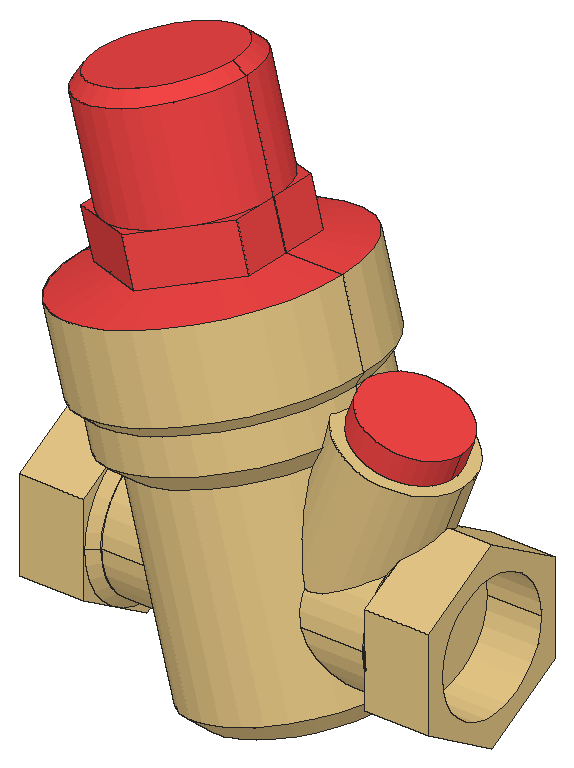
Revit family "РИДАН_ Клапан редукционный Ридан 7biz", category Арматура трубопроводов, Revit 2019
Family settings
  Размер круглого соединителя = Использовать диаметр
  Тип детали = Вставляется
  На основе рабочей плоскости = Нет
  Всегда вертикально = Да
  При загрузке вырезать с полостями = Нет
  Общий = Нет
Parameters (values of type "DN 15")
  Отступ коннектора [instance] = 5 mm
  Контакты_Производитель = "info@ridan.ru"  # constant formula
  Изготовитель = "ООО «Ридан-Трейд»"  # constant formula
  x [instance] = c + (b * 2) + (a * 2) - (j * 2) + (w * 2)  # 60.76 mm
  w [instance] = if(Отступ коннектора > j, j, Отступ коннектора)  # 5 mm
  v = size_lookup(LT, "v", 20 mm, ADSK_Диаметр условный)  # 21.3 mm
  u = size_lookup(LT, "u", 20 mm, ADSK_Диаметр условный)  # 35 mm
  t = size_lookup(LT, "t", 20 mm, ADSK_Диаметр условный)  # 25 mm
  s = size_lookup(LT, "s", 20.00°, ADSK_Диаметр условный)  # 69.00°
  r = size_lookup(LT, "r", 20 mm, ADSK_Диаметр условный)  # 17 mm
  q = size_lookup(LT, "q", 20 mm, ADSK_Диаметр условный)  # 18 mm
  p1 = o + p  # 32.65 mm
  p = size_lookup(LT, "p", 20 mm, ADSK_Диаметр условный)  # 4.5 mm
  o = size_lookup(LT, "o", 20 mm, ADSK_Диаметр условный)  # 28.15 mm
  n = size_lookup(LT, "n", 20 mm, ADSK_Диаметр условный)  # 10 mm
  m = ADSK_Диаметр условный  # 15 mm
  l = size_lookup(LT, "l", 20 mm, ADSK_Диаметр условный)  # 21.3 mm
  k = size_lookup(LT, "k", 20.00°, ADSK_Диаметр условный)  # 15.00°
  j = size_lookup(LT, "j", 20 mm, ADSK_Диаметр условный)  # 9.37 mm
  i = size_lookup(LT, "i", 20 mm, ADSK_Диаметр условный)  # 26.81 mm
  h = size_lookup(LT, "h", 20 mm, ADSK_Диаметр условный)  # 75 mm
  g = size_lookup(LT, "g", 20 mm, ADSK_Диаметр условный)  # 13.405 mm
  f = size_lookup(LT, "f", 20 mm, ADSK_Диаметр условный)  # 11.75 mm
  e = size_lookup(LT, "e", 20 mm, ADSK_Диаметр условный)  # 73.38 mm
  d = size_lookup(LT, "d", 20 mm, ADSK_Диаметр условный)  # 22.25 mm
  c = size_lookup(LT, "c", 20 mm, ADSK_Диаметр условный)  # 44.5 mm
  b = size_lookup(LT, "b", 20 mm, ADSK_Диаметр условный)  # 1.59 mm
  a = size_lookup(LT, "a", 20 mm, ADSK_Диаметр условный)  # 10.91 mm
  URL = "https://ridan.ru/"
  LT = "Table"  # constant formula
  ADSK_Расход жидкости = 0 m³/h
  ADSK_Пропускная способность = size_lookup(LT, "Kvs", 0 m³/h, ADSK_Диаметр условный)  # 1.8 m³/h
  ADSK_Потеря давления жидкости = 100000.0 Pa * (ADSK_Расход жидкости / ADSK_Пропускная способность) ^ 2  # 0.0 Pa
  ADSK_Наименование = size_lookup(LT, "Name", "", ADSK_Диаметр условный)  # "Клапан редукционный 7biz PN16 DN15"
  ADSK_Масса_Текст = ""
  ADSK_Масса = size_lookup(LT, "M", 0, ADSK_Диаметр условный)  # 0.37
  ADSK_Марка = size_lookup(LT, "Mark", "", ADSK_Диаметр условный)  # "7biz DN15"
  ADSK_Количество = 1  # constant formula
  ADSK_Код изделия = size_lookup(LT, "", "", ADSK_Диаметр условный)  # "082X4140R"
  ADSK_Завод-изготовитель = "ООО «Ридан-Трейд»"  # constant formula
  ADSK_Единица измерения = "шт."
  ADSK_Диаметр условный = 15 mm
  ADSK_Версия семейства = "1.0"  # constant formula
  ADSK_Версия Revit = "2019"  # constant formula
Types (7, lengths in mm): name | x | v | u | t | s | q | p1 | p | o | n | m | l | k | j | i | g | f | e | d | c | b | a | ADSK_Пропускная способность | ADSK_Наименование | ADSK_Масса | ADSK_Марка | ADSK_Код изделия | ADSK_Диаметр условный
  (no name) | 60.76 | 21.3 | 35 | 25 | 69.00° | 18 | 32.65 | 4.5 | 28.15 | 10 | 15 | 21.3 | 15.00° | 9.37 | 26.81 | 13.405 | 11.75 | 73.38 | 22.25 | 44.5 | 1.59 | 10.91 | 1.8 m³/h | "Клапан редукционный 7biz PN16 DN15" | 0.37 | "7biz DN15" | "082X4140R" | 15
  DN 15 | 60.76 | 21.3 | 35 | 25 | 69.00° | 18 | 32.65 | 4.5 | 28.15 | 10 | 15 | 21.3 | 15.00° | 9.37 | 26.81 | 13.405 | 11.75 | 73.38 | 22.25 | 44.5 | 1.59 | 10.91 | 1.8 m³/h | "Клапан редукционный 7biz PN16 DN15" | 0.37 | "7biz DN15" | "082X4140R" | 15
  DN 20 | 60.92 | 26.4 | 38 | 25 | 65.00° | 18.45 | 35.87 | 4.5 | 31.37 | 8 | 20 | 26.4 | 15.00° | 12.04 | 31.8 | 15.9 | 14.75 | 75.08 | 20 | 40 | 1.53 | 15.97 | 2.2 m³/h | "Клапан редукционный 7biz PN16 DN20" | 0.415 | "7biz DN20" | "082X4141R" | 20
  DN 25 | 64.6 | 33.5 | 41 | 27 | 65.00° | 18 | 38.42 | 4.5 | 33.92 | 8 | 25 | 33.5 | 15.00° | 13.2 | 37 | 18.5 | 15.5 | 74.88 | 21.5 | 43 | 2.6 | 16.4 | 2.4 m³/h | "Клапан редукционный 7biz PN16 DN25" | 0.45 | "7biz DN25" | "082X4142R" | 25
  DN 32 | 84.27 | 10 | 24 | 14 | 65.00° | 18 | 45.14 | 3.98 | 41.16 | 13.6 | 32 | 34 | 10.00° | 13.85 | 48 | 24 | 22 | 72.74 | 32.61 | 65.19 | 4.65 | 13.74 | 4.5 m³/h | "Клапан редукционный 7biz PN16 DN32" | 1.05 | "7biz DN32" | "082X4143R" | 32
  DN 40 | 85 | 10 | 24 | 15 | 65.00° | 18 | 47.14 | 3.98 | 43.16 | 14.78 | 40 | 47.8 | 10.00° | 16 | 53.5 | 26.75 | 21.75 | 73.29 | 31.5 | 63 | 8 | 14 | 6.3 m³/h | "Клапан редукционный 7biz PN16 DN40" | 1.12 | "7biz DN40" | "082X4144R" | 40
  DN 50 | 91 | 10 | 24 | 15 | 65.00° | 18 | 51.53 | 3.98 | 47.55 | 15.32 | 50 | 59.6 | 10.00° | 16 | 65 | 32.5 | 21.75 | 73.33 | 32.5 | 65 | 8.23 | 15.77 | 7.5 m³/h | "Клапан редукционный 7biz PN16 DN50" | 1.45 | "7biz DN50" | "082X4145R" | 50
Reference planes
  plane 1 "По центру (Вперед/Назад)": y = 0
  plane 2: z = 0
  plane 3 "По центру (Влево/Вправо)": x = 0
  plane 4: x = -34.75
  plane 5: x = -75
  plane 6: x = -23.84
  plane 7: x = -22.25
  plane 8: x = -1.62
  plane 9: x = 34.75
  plane 10: x = 23.84
  plane 11: x = 22.25
  plane 12: x = -25.38
  plane 13: x = 25.38
  plane 14: x = 10
  plane 15: x = -30.38
  plane 16: x = 30.38
Forms (mm)
  Extrusion 1, solid, material "Латунь", detail levels fine
    sketch origin (0, 0, 0) x (0, 1, 0) y (0, 0, 1)
      loop
        line (0, 15.479) -> (-13.405, 7.739) -> (-13.405, -7.739) -> (0, -15.479) -> (13.405, -7.739) -> (13.405, 7.739) -> (0, 15.479)
    from -34.75 to -23.84
  Extrusion 2, solid, material "Латунь", detail levels fine
    sketch origin (0, 0, 0) x (0, 1, 0) y (0, 0, 1)
      loop
        line (0, 15.479) -> (-13.405, 7.739) -> (-13.405, -7.739) -> (0, -15.479) -> (13.405, -7.739) -> (13.405, 7.739) -> (0, 15.479)
    from 23.84 to 34.75
  Blend 3, solid, material "Латунь", detail levels fine
    base sketch origin (0, 0, 0) x (0, 1, 0) y (0, 0, 1)
      loop
        circle (0, 0) r 13.405
    top sketch origin (0, 0, 0) x (0, 1, 0) y (0, 0, 1)
      loop
        circle (0, 0) r 11.75
    from -23.84 to -22.25
  Blend 4, solid, material "Латунь", detail levels fine
    base sketch origin (0, 0, 0) x (0, 1, 0) y (0, 0, 1)
      loop
        circle (0, 0) r 13.405
    top sketch origin (0, 0, 0) x (0, 1, 0) y (0, 0, 1)
      loop
        circle (0, 0) r 11.75
    from 23.84 to 22.25
  Extrusion 5, solid, material "Латунь", detail levels fine
    sketch origin (0, 0, 0) x (0, 1, 0) y (0, 0, 1)
      loop
        circle (0, 0) r 11.75
    from -22.25 to 22.25
  Extrusion 6, void
    sketch origin (0, 0, 0) x (0, 1, 0) y (0, 0, 1)
      loop
        circle (0, 0) r 10.65
    from -34.75 to -25.38
  Extrusion 7, void
    sketch origin (0, 0, 0) x (0, 1, 0) y (0, 0, 1)
      loop
        circle (0, 0) r 10.65
    from 25.38 to 34.75
  Sweep 8, solid, material "Латунь", detail levels fine
    path origin (0, 0, 0) x (1, 0, 0) y (0, 0, 1)
      loop
        line (10, 0) -> (20.088, 26.28)
    profile origin (15.044, 0, 13.14) x (-0.93358, 0, 0.358368) y (0, -1, 0)
      loop
        circle (0, 0) r 10.535
  Sweep 9, solid, material "Ручка", detail levels fine
    path origin (0, 0, 0) x (1, 0, 0) y (0, 0, 1)
      loop
        line (10, 0) -> (21.701, 30.481)
    profile origin (15.85, 0, 15.241) x (-0.93358, 0, 0.358368) y (0, -1, 0)
      loop
        circle (0, 0) r 8.5
Cuts and joins
  Extrusion 6, Extrusion 7 cuts Extrusion 2
  Extrusion 6 cuts Blend 4
  Extrusion 6, Extrusion 7 cuts Extrusion 5
  Extrusion 6 cuts Extrusion 1
Dimensions and locks
  equal spacing: Extrusion 1 sketch curve, plane 2, Extrusion 1 sketch curve  (x2)
  equal spacing: Extrusion 1 sketch curve, plane 1 "По центру (Вперед/Назад)", Extrusion 1 sketch curve
  "i": Extrusion 1 sketch curve to Extrusion 1 sketch curve  (x3)
  equal spacing: Extrusion 2 sketch curve, plane 2, Extrusion 2 sketch curve  (x2)
  equal spacing: Extrusion 2 sketch curve, plane 1 "По центру (Вперед/Назад)", Extrusion 2 sketch curve
  "i": Extrusion 2 sketch curve to Extrusion 2 sketch curve  (x3)
  "h": plane 5 to plane 3 "По центру (Влево/Вправо)"
  "a": plane 4 to plane 6
  "b": plane 6 to plane 7
  "c": plane 7 to plane 11
  "d": plane 7 to plane 3 "По центру (Влево/Вправо)"
  "b": plane 10 to plane 11
  "a": plane 9 to plane 10
  "e": plane 5 to plane 8
  "j": plane 4 to plane 12
  "j": plane 9 to plane 13
  "n": plane 14 to plane 3 "По центру (Влево/Вправо)"
  "o": Sweep 8 sketch curve to Sweep 8 sketch curve
  "p1": Sweep 9 sketch curve to Sweep 9 sketch curve
  "w": plane 15 to plane 12
  "w": plane 16 to plane 13
  "g": radius of Blend 3 sketch curve
  "f": radius of Blend 3 sketch curve
  "g": radius of Blend 4 sketch curve
  "f": radius of Blend 4 sketch curve
  "f": radius of Extrusion 5 sketch curve
  "l": diameter of Extrusion 6 sketch curve
  "l": diameter of Extrusion 7 sketch curve
  diameter of Sweep 8 sketch curve = 21.07 mm
  "r": diameter of Sweep 9 sketch curve
  angle Extrusion 1 sketch curve to Extrusion 1 sketch curve = 120.00°  (x6)
  angle Extrusion 2 sketch curve to Extrusion 2 sketch curve = 120.00°  (x6)
  "s": angle plane 2 to Sweep 8 sketch curve
  "s": angle plane 2 to Sweep 9 sketch curve
  angle plane 3 "По центру (Влево/Вправо)" to nested 1 = 15.00°
  aligned and locked: level to plane 2
  aligned and locked: Extrusion 1 to plane 6
  aligned and locked: plane 4 to Extrusion 1
  aligned and locked: Extrusion 2 to plane 10
  aligned and locked: plane 9 to Extrusion 2
  aligned and locked: plane 6 to Blend 3
  aligned and locked: Blend 3 to plane 7
  aligned and locked: Blend 4 to plane 11
  aligned and locked: plane 10 to Blend 4
  aligned and locked: plane 7 to Extrusion 5
  aligned and locked: plane 11 to Extrusion 5
  aligned and locked: Extrusion 6 to plane 12
  aligned and locked: plane 4 to Extrusion 6
  aligned and locked: Extrusion 7 to plane 13
  aligned and locked: plane 9 to Extrusion 7
  aligned and locked: plane 2 to Sweep 8 sketch curve
  aligned and locked: plane 14 to Sweep 8 sketch curve
  aligned and locked: plane 2 to Sweep 9 sketch curve
  aligned and locked: plane 14 to Sweep 9 sketch curve
  aligned and locked: plane 3 "По центру (Влево/Вправо)" to nested 2
  aligned and locked: plane 3 "По центру (Влево/Вправо)" to nested 3
  aligned and locked: plane 8 to nested 1
Automatic sketch dimensions
  plane 1 "По центру (Вперед/Назад)" to Sweep 8 sketch curve = 0 mm
  Sweep 8 sketch curve to profile plane = 0 mm
  Blend 3 sketch curve to level = 0 mm  (x2)
  Blend 3 sketch curve to plane 1 "По центру (Вперед/Назад)" = 0 mm  (x2)
  Blend 4 sketch curve to level = 0 mm  (x2)
  Blend 4 sketch curve to plane 1 "По центру (Вперед/Назад)" = 0 mm  (x2)
  Extrusion 5 sketch curve to level = 0 mm
  Extrusion 5 sketch curve to plane 1 "По центру (Вперед/Назад)" = 0 mm
  Extrusion 6 sketch curve to level = 0 mm
  Extrusion 6 sketch curve to plane 1 "По центру (Вперед/Назад)" = 0 mm
  Extrusion 7 sketch curve to level = 0 mm
  Extrusion 7 sketch curve to plane 1 "По центру (Вперед/Назад)" = 0 mm
  plane 1 "По центру (Вперед/Назад)" to Sweep 9 sketch curve = 0 mm
  Sweep 9 sketch curve to profile plane = 0 mm
Nested families
  nested 1: "7biz_Мембрана" at (-1.62, 0, 0) x (0.9659, 0, 0.2588) z (-0.2588, 0, 0.9659), ADSK_Диаметр условный <- "ADSK_Диаметр условный", type "Мембрана", detail levels fine
    with z 15.00°, y 27.3 mm, s 53.77 mm, r 45.7 mm, p 21 mm, o 23 mm, n 13.65 mm, m 11.65 mm, l 17.4 mm, k 14.4 mm, j 73.27 mm, i 71.27 mm, h 45.7 mm, g 43.2 mm, f 29.07 mm, e 27.07 mm, d 21.05 mm, c 19.43 mm, b 34.24 mm, a1 10 mm, a 17.81 mm, ADSK_Диаметр условный 15 mm
  nested 2: "УГО_клапан" at (0, 0, 0), УГО_Длина <- "x", type "УГО_клапан", detail levels coarse+medium
    with УГО_Длина 60.76 mm, УГО_Высота 35.08 mm, Длина_стрелки 30.38 mm, Дл_стр 15.19 mm
  nested 3: "УГО_ЭУ_клапан" at (0, 0, 0), УГО_Длина <- "x", type "УГО_ЭУ_клапан"
    with УГО_Длина 60.76 mm, УГО_Высота 35.08 mm, Длина_стрелки 30.38 mm, Дл_стр 15.19 mm
Connectors
  piping at (-30.38, 0, 0), diameter 15, driven by "ADSK_Диаметр условный", driven by "ADSK_Расход жидкости"
    settings: on plane 15, index 1, connector inside diameter 609.6 mm, connector length 0 mm, flow factor 0, pipe flow 0 m³/h, pressure drop 0.0 Pa, fitting loss kfactor 0, connector angle 0.00°, fixture units 0, engagement length 0 mm, angle of deflection 0.00°, flow configuration 0, flow direction 1, fitting loss method 0, system type 29, joint type 0, gender type 0, connector reference index -1, connector utility 0, adjustable connector no, is connector primary yes, connector description ""
  piping at (30.38, 0, 0), diameter 15, driven by "ADSK_Диаметр условный", driven by "ADSK_Расход жидкости", driven by "ADSK_Потеря давления жидкости"
    settings: on plane 16, index 2, connector inside diameter 609.6 mm, connector length 0 mm, flow factor 0, pipe flow 0 m³/h, pressure drop 0.0 Pa, fitting loss kfactor 0, connector angle 0.00°, fixture units 0, engagement length 0 mm, angle of deflection 0.00°, flow configuration 0, flow direction 2, fitting loss method 4, system type 29, joint type 0, gender type 0, connector reference index -1, connector utility 0, adjustable connector no, is connector primary no, connector description ""
Definition of nested family "7biz_Мембрана"
  Parameters (values of type "Мембрана")
    z [instance] = size_lookup(LT, "z", 20.00°, ADSK_Диаметр условный)  # 15.00°
    y [instance] = size_lookup(LT, "y", 20 mm, ADSK_Диаметр условный)  # 27.3 mm
    s [instance] = size_lookup(LT, "s", 20 mm, ADSK_Диаметр условный)  # 53.77 mm
    r [instance] = size_lookup(LT, "r", 20 mm, ADSK_Диаметр условный)  # 45.7 mm
    p [instance] = size_lookup(LT, "p", 20 mm, ADSK_Диаметр условный)  # 21 mm
    o [instance] = size_lookup(LT, "o", 20 mm, ADSK_Диаметр условный)  # 23 mm
    n [instance] = size_lookup(LT, "n", 20 mm, ADSK_Диаметр условный)  # 13.65 mm
    m [instance] = size_lookup(LT, "m", 20 mm, ADSK_Диаметр условный)  # 11.65 mm
    l [instance] = size_lookup(LT, "l", 20 mm, ADSK_Диаметр условный)  # 17.4 mm
    k [instance] = size_lookup(LT, "k", 20 mm, ADSK_Диаметр условный)  # 14.4 mm
    j [instance] = size_lookup(LT, "j", 20 mm, ADSK_Диаметр условный)  # 73.27 mm
    i [instance] = size_lookup(LT, "i", 20 mm, ADSK_Диаметр условный)  # 71.27 mm
    h [instance] = size_lookup(LT, "h", 20 mm, ADSK_Диаметр условный)  # 45.7 mm
    g [instance] = size_lookup(LT, "g", 20 mm, ADSK_Диаметр условный)  # 43.2 mm
    f [instance] = size_lookup(LT, "f", 20 mm, ADSK_Диаметр условный)  # 29.07 mm
    e [instance] = size_lookup(LT, "e", 20 mm, ADSK_Диаметр условный)  # 27.07 mm
    d [instance] = size_lookup(LT, "d", 20 mm, ADSK_Диаметр условный)  # 21.05 mm
    c [instance] = size_lookup(LT, "c", 20 mm, ADSK_Диаметр условный)  # 19.43 mm
    b [instance] = size_lookup(LT, "b", 20 mm, ADSK_Диаметр условный)  # 34.24 mm
    a1 [instance] = size_lookup(LT, "a1", 20 mm, ADSK_Диаметр условный)  # 10 mm
    a [instance] = size_lookup(LT, "a", 20 mm, ADSK_Диаметр условный)  # 17.81 mm
    LT = "Table_1"  # constant formula
    ADSK_Диаметр условный [instance] = 15 mm
  Reference planes
    plane 1 "По центру (Вперед/Назад)": y = 0
    plane 2: z = 0
    plane 3 "По центру (Влево/Вправо)": x = 0
    plane 4: z = -19.43
    plane 5: z = -16.43
    plane 6: z = 17.81
    plane 7: z = 21.05
    plane 8: z = 27.07
    plane 9: z = 29.07
    plane 10: z = 43.2
    plane 11: z = 45.7
    plane 12: z = 71.27
    plane 13: z = 73.27
    plane 14: z = 45.7
    plane 15: z = 53.77
  Forms (mm)
    Blend 1, solid
      base sketch origin (0, 0, 0) x (1, 0, 0) y (0, 1, 0)
        loop
          circle (0, 0) r 14.4
      top sketch origin (0, 0, 0) x (1, 0, 0) y (0, 1, 0)
        loop
          circle (0, 0) r 17.4
      from -19.43 to -16.43
    Extrusion 2, solid
      sketch origin (0, 0, 0) x (1, 0, 0) y (0, 1, 0)
        loop
          circle (0, 0) r 17.4
      from -16.43 to 17.81
    Blend 3, solid
      base sketch origin (0, 0, 0) x (1, 0, 0) y (0, 1, 0)
        loop
          circle (0, 0) r 21
      top sketch origin (0, 0, 0) x (1, 0, 0) y (0, 1, 0)
        loop
          circle (0, 0) r 17.4
      from 21.05 to 17.81
    Extrusion 4, solid
      sketch origin (0, 0, 0) x (1, 0, 0) y (0, 1, 0)
        loop
          circle (0, 0) r 21
      from 21.05 to 27.07
    Blend 5, solid
      base sketch origin (0, 0, 0) x (1, 0, 0) y (0, 1, 0)
        loop
          circle (0, 0) r 21
      top sketch origin (0, 0, 0) x (1, 0, 0) y (0, 1, 0)
        loop
          circle (0, 0) r 23
      from 27.07 to 29.07
    Extrusion 6, solid
      sketch origin (0, 0, 0) x (1, 0, 0) y (0, 1, 0)
        loop
          circle (0, 0) r 23
      from 29.07 to 43.2
    Blend 7, solid
      base sketch origin (0, 0, 0) x (1, 0, 0) y (0, 1, 0)
        loop
          circle (0, 0) r 23
      top sketch origin (0, 0, 0) x (1, 0, 0) y (0, 1, 0)
        loop
          circle (0, 0) r 13.65
      from 43.2 to 45.7
    Extrusion 8, solid
      sketch origin (0, 0, 0) x (1, 0, 0) y (0, 1, 0)
        loop
          circle (0, 0) r 13.65
      from 45.7 to 71.27
    Blend 9, solid
      base sketch origin (0, 0, 0) x (1, 0, 0) y (0, 1, 0)
        loop
          circle (0, 0) r 13.65
      top sketch origin (0, 0, 0) x (1, 0, 0) y (0, 1, 0)
        loop
          circle (0, 0) r 11.65
      from 71.27 to 73.27
    Extrusion 10, solid
      sketch origin (0, 0, 0) x (1, 0, 0) y (0, 1, 0)
        loop
          line (0, 15.762) -> (-13.65, 7.881) -> (-13.65, -7.881) -> (0, -15.762) -> (13.65, -7.881) -> (13.65, 7.881) -> (0, 15.762)
      from 45.7 to 53.77
  Lines and regions (mm)
    reference lines
      curve 1: line (0, 0, 0) -> (2.537, 0, 9.469)
  Dimensions and locks
    equal spacing: Extrusion 10 sketch curve, plane 3 "По центру (Влево/Вправо)", Extrusion 10 sketch curve  (x3)
    "y": Extrusion 10 sketch curve to Extrusion 10 sketch curve  (x3)
    "a": plane 6 to plane 2
    "b": plane 6 to plane 5
    "c": plane 2 to plane 4
    "d": plane 7 to plane 2
    "e": plane 8 to plane 2
    "f": plane 9 to plane 2
    "g": plane 10 to plane 2
    "h": plane 11 to plane 2
    "i": plane 12 to plane 2
    "j": plane 13 to plane 2
    "r": plane 14 to plane 2
    "s": plane 15 to plane 2
    "k": radius of Blend 1 sketch curve
    "l": radius of Blend 1 sketch curve
    "l": radius of Extrusion 2 sketch curve
    "p": radius of Blend 3 sketch curve
    "l": radius of Blend 3 sketch curve
    "p": radius of Extrusion 4 sketch curve
    "p": radius of Blend 5 sketch curve
    "o": radius of Blend 5 sketch curve
    "o": radius of Extrusion 6 sketch curve
    "o": radius of Blend 7 sketch curve
    "n": radius of Blend 7 sketch curve
    "n": radius of Extrusion 8 sketch curve
    "n": radius of Blend 9 sketch curve
    "m": radius of Blend 9 sketch curve
    angle Extrusion 10 sketch curve to Extrusion 10 sketch curve = 120.00°  (x6)
    "z": angle curve 1 to plane 3 "По центру (Влево/Вправо)"
    aligned and locked: level to plane 2
    aligned and locked: plane 5 to Blend 1
    aligned and locked: Blend 1 to plane 4
    aligned and locked: plane 6 to Extrusion 2
    aligned and locked: Extrusion 2 to plane 5
    aligned and locked: Blend 3 to plane 6
    aligned and locked: plane 7 to Blend 3
    aligned and locked: Extrusion 4 to plane 7
    aligned and locked: plane 8 to Extrusion 4
    aligned and locked: Blend 5 to plane 8
    aligned and locked: plane 9 to Blend 5
    aligned and locked: Extrusion 6 to plane 9
    aligned and locked: plane 10 to Extrusion 6
    aligned and locked: Blend 7 to plane 10
    aligned and locked: plane 11 to Blend 7
    aligned and locked: Extrusion 8 to plane 11
    aligned and locked: plane 12 to Extrusion 8
    aligned and locked: Blend 9 to plane 12
    aligned and locked: plane 13 to Blend 9
    aligned and locked: Extrusion 10 to plane 14
    aligned and locked: plane 15 to Extrusion 10
    aligned and locked: plane 2 to curve 1
    aligned and locked: plane 3 "По центру (Влево/Вправо)" to curve 1
  Automatic sketch dimensions
    plane 1 "По центру (Вперед/Назад)" to Blend 1 sketch curve = 0 mm  (x2)
    Blend 1 sketch curve to plane 3 "По центру (Влево/Вправо)" = 0 mm  (x2)
    plane 1 "По центру (Вперед/Назад)" to Extrusion 2 sketch curve = 0 mm
    Extrusion 2 sketch curve to plane 3 "По центру (Влево/Вправо)" = 0 mm
    plane 1 "По центру (Вперед/Назад)" to Blend 3 sketch curve = 0 mm  (x2)
    Blend 3 sketch curve to plane 3 "По центру (Влево/Вправо)" = 0 mm  (x2)
    plane 1 "По центру (Вперед/Назад)" to Extrusion 4 sketch curve = 0 mm
    Extrusion 4 sketch curve to plane 3 "По центру (Влево/Вправо)" = 0 mm
    plane 1 "По центру (Вперед/Назад)" to Blend 5 sketch curve = 0 mm  (x2)
    Blend 5 sketch curve to plane 3 "По центру (Влево/Вправо)" = 0 mm  (x2)
    plane 1 "По центру (Вперед/Назад)" to Extrusion 6 sketch curve = 0 mm
    Extrusion 6 sketch curve to plane 3 "По центру (Влево/Вправо)" = 0 mm
    plane 1 "По центру (Вперед/Назад)" to Blend 7 sketch curve = 0 mm  (x2)
    Blend 7 sketch curve to plane 3 "По центру (Влево/Вправо)" = 0 mm  (x2)
    plane 1 "По центру (Вперед/Назад)" to Extrusion 8 sketch curve = 0 mm
    Extrusion 8 sketch curve to plane 3 "По центру (Влево/Вправо)" = 0 mm
    plane 1 "По центру (Вперед/Назад)" to Blend 9 sketch curve = 0 mm  (x2)
    Blend 9 sketch curve to plane 3 "По центру (Влево/Вправо)" = 0 mm  (x2)
Definition of nested family "УГО_клапан"
  Parameters (values of type "УГО_клапан")
    УГО_Длина [instance] = 48 mm
    УГО_Высота [instance] = (УГО_Длина / 2) / cos(30.00°)  # 27.713 mm
    Длина_стрелки [instance] = УГО_Длина / 2  # 24 mm
    Дл_стр [instance] = УГО_Длина / 4  # 12 mm
    Angle = 75.00°
  Reference planes
    plane 1 "По центру (Вперед/Назад)": y = 0
    plane 2: z = 0
    plane 3 "По центру (Влево/Вправо)": x = 0
    plane 4: x = -24
    plane 5: x = 24
    plane 6: z = 13.856
    plane 7: z = -13.856
    plane 8: z = 24
  Forms (mm)
    Extrusion 1, solid, detail levels coarse+medium
      sketch origin (0, 0, 0) x (1, 0, 0) y (0, 0, 1)
        loop
          line (-24, -13.856) -> (0, 0) -> (-24, 13.856) -> (-24, -13.856)
      from -0.5 to 0.5
    Extrusion 2, solid, detail levels coarse+medium
      sketch origin (0, 0, 0) x (1, 0, 0) y (0, 0, 1)
        loop
          line (24, -13.856) -> (24, 13.856) -> (0, 0) -> (24, -13.856)
      from -0.5 to 0.5
  Lines and regions (mm)
    model lines
      curve 1: line (0, 0, 24) -> (0, 0, 0)
      curve 2: line (3.106, 0, 11.591) -> (0, 0, 0)
      curve 3: line (-3.106, 0, 11.591) -> (0, 0, 0)
  Dimensions and locks
    equal spacing: plane 5, plane 3 "По центру (Влево/Вправо)", plane 4
    "УГО_Длина": plane 5 to plane 4
    equal spacing: plane 6, plane 2, plane 7
    "УГО_Высота": plane 6 to plane 7
    "Длина_стрелки": plane 8 to plane 2
    "Дл_стр": curve 2 to curve 2
    "Дл_стр": curve 3 to curve 3
    "Angle": angle level to curve 2
    "Angle": angle curve 3 to level
    aligned and locked: level to plane 2
    aligned and locked: plane 4 to Extrusion 1 sketch curve
    aligned and locked: Extrusion 2 sketch curve to plane 5
    aligned and locked: plane 8 to curve 1
    aligned and locked: plane 2 to curve 2
    aligned and locked: plane 3 "По центру (Влево/Вправо)" to curve 2
  Automatic sketch dimensions
    Extrusion 1 sketch curve to level = 0 mm
    Extrusion 1 sketch curve to plane 3 "По центру (Влево/Вправо)" = 0 mm
    Extrusion 1 sketch curve to plane 7 = 0 mm
    Extrusion 1 sketch curve to plane 6 = 0 mm
    Extrusion 2 sketch curve to level = 0 mm
    Extrusion 2 sketch curve to plane 3 "По центру (Влево/Вправо)" = 0 mm
    Extrusion 2 sketch curve to plane 7 = 0 mm
    Extrusion 2 sketch curve to plane 6 = 0 mm
Definition of nested family "УГО_ЭУ_клапан"
  Parameters (values of type "УГО_ЭУ_клапан")
    УГО_Длина [instance] = 100 mm
    УГО_Высота [instance] = (УГО_Длина / 2) / cos(30.00°)  # 57.735 mm
    Длина_стрелки [instance] = УГО_Длина / 2  # 50 mm
    Дл_стр [instance] = УГО_Длина / 4  # 25 mm
    Angle = 75.00°  # constant formula
  Reference planes
    plane 1 "По центру (Вперед/Назад)": y = 0
    plane 2: z = 0
    plane 3 "По центру (Влево/Вправо)": x = 0
    plane 4: x = -50
    plane 5: x = 50
    plane 6: y = 28.868
    plane 7: y = -28.868
    plane 8: y = 50
  Lines and regions (mm)
    Filled region 1, type "Сплошная заливка - Белый", in view "Опорный уровень"
      outline origin (0, 0, 0) x (1, 0, 0) y (0, 1, 0)
        loop
          line (-50, -28.868) -> (0, 0) -> (-50, 28.868) -> (-50, -28.868)
    Filled region 2, type "Сплошная заливка - Белый", in view "Опорный уровень"
      outline origin (0, 0, 0) x (1, 0, 0) y (0, 1, 0)
        loop
          line (50, -28.868) -> (50, 28.868) -> (0, 0) -> (50, -28.868)
    Filled region 3, type "Сплошная заливка - Черный", in view "Опорный уровень"
      outline origin (0, 0, 0) x (1, 0, 0) y (0, 1, 0)
        loop
          line (6.47, 24.148) -> (-6.47, 24.148) -> (0, 0) -> (6.47, 24.148)
    detail lines, in view "Опорный уровень"
      curve 1: line (0, 50, 0) -> (0, 0, 0)
  Dimensions and locks
    equal spacing: plane 4, plane 3 "По центру (Влево/Вправо)", plane 5
    "УГО_Длина": plane 4 to plane 5
    equal spacing: plane 6, plane 1 "По центру (Вперед/Назад)", plane 7
    "УГО_Высота": plane 6 to plane 7
    "Длина_стрелки": plane 8 to plane 1 "По центру (Вперед/Назад)"
    "Дл_стр": Filled region 3 sketch curve to Filled region 3 sketch curve  (x2)
    "Angle": angle plane 1 "По центру (Вперед/Назад)" to Filled region 3 sketch curve
    "Angle": angle Filled region 3 sketch curve to plane 1 "По центру (Вперед/Назад)"
    aligned and locked: plane 4 to Filled region 1 sketch curve
    aligned and locked: Filled region 1 to plane 4
    aligned and locked: plane 1 "По центру (Вперед/Назад)" to curve 1
    aligned and locked: plane 8 to curve 1
    aligned and locked: plane 1 "По центру (Вперед/Назад)" to Filled region 3 sketch curve
    aligned and locked: plane 3 "По центру (Влево/Вправо)" to Filled region 3 sketch curve
  Automatic sketch dimensions
    plane 1 "По центру (Вперед/Назад)" to Filled region 1 sketch curve = 0 mm
    Filled region 1 sketch curve to plane 3 "По центру (Влево/Вправо)" = 0 mm
    plane 7 to Filled region 1 sketch curve = 0 mm
    Filled region 1 sketch curve to plane 6 = 0 mm
    plane 1 "По центру (Вперед/Назад)" to Filled region 2 sketch curve = 0 mm
    Filled region 2 sketch curve to plane 3 "По центру (Влево/Вправо)" = 0 mm
    Filled region 2 sketch curve to plane 5 = 0 mm
    plane 7 to Filled region 2 sketch curve = 0 mm
    Filled region 2 sketch curve to plane 6 = 0 mm
    curve 1 to plane 3 "По центру (Влево/Вправо)" = 0 mm
